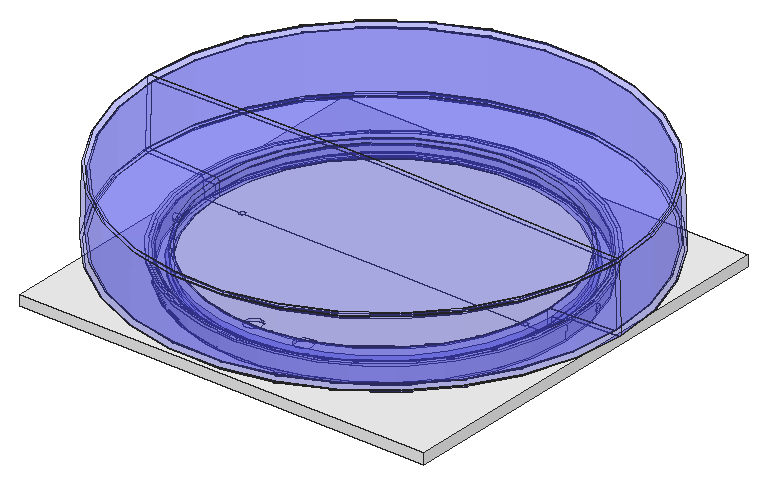
Revit family "BE_23297_de_DE", category Leuchten, Revit 2020
Family settings
  Basisbauteil = Fläche
  Bemaßung runder Anschluss = Durchmesser verwenden
  Teiletyp = Normal
  Beim Laden mit Abzugskörper schneiden = Ja
  Lichtquelle = Ja
  Gemeinsam genutzt = Nein
  Raumberechnungspunkt = Ja
Parameters (values of type "BEGA_23297_K3")
  built-in parameter 1150104 = 12.105 (stored number, unit not read)
  Wattage = 37.8 W
  Default Elevation = 0 mm
  built-in parameter 1150113 = 1 (stored number, unit not read)
  built-in parameter 1114218 = 1 (stored number, unit not read)
  Umgebungstemperatur = "25 °C"
  URL = "http://www.bega.de/de/produkt/23297"
  Typenkommentare = "© 2022 BEGA. Wir behalten uns das Recht vor, technische Änderungen ohne vorherige Ankündigung vorzunehmen."  # constant formula
  built-in parameter 1150134 = 12
  built-in parameter 1150109 = 1 (stored number, unit not read)
  Strom = ""
  built-in parameter 1150110 = 1 (stored number, unit not read)
  Spannung = 239.996 V
  Sonderanfertigung = no
  Seriennummer [instance] = "Hier können Sie die eindeutige Seriennummer für das Facility Management eintragen."
  Schutzklasse = "I"
  Schutzart = "IP 44"
  Scheinlast = 0 VA
  Produktdatenblatt = "http://www.bega.de/download/Xrfa/db/23297.db.de.pdf"
  Oberflächentemperatur = ""
  Neigungswinkel = 0.00°
  Model = "23297K4"
  Material_17 = BEGA_Reflektor
  Material_15 = BEGA_Leuchtmedium_matt
  Material_11 = BEGA_Glas_opal
  Material_09 = BEGA_Glas_klar
  Material_06 = BEGA_Oberfläche_Edelstahl_gebürstet
  Material_05 = BEGA_Oberfläche_Aluminium Guss
  Material_03 = BEGA_Oberfläche_Weiss_matt
  Material_02 = BEGA_Oberfläche_Silber_matt
  Material_01 [instance] = BEGA_Oberfläche_Grafit_matt
  M_W = no
  M_G = no
  M_A = no
  Logo = 0
  built-in parameter 1114217 = 1 (stored number, unit not read)
  built-in parameter 1150139 = (empty or 0)
  built-in parameter 1150105 = 1228.4 (stored number, unit not read)
  built-in parameter 1150114 = 1 (stored number, unit not read)
  Lumens = 4925.34 lm
  built-in parameter 1150115 = 1 (stored number, unit not read)
  Leuchtenlichtstrom = "3427 lm"
  Leuchtenanzahl = ""
  Lebensdauerkriterien = "L70B50 @ 25 °C = 192000 h"
  Lastklassifizierung = Beleuchtung
  built-in parameter 1150112 = 1 (stored number, unit not read)
  Lampenlichtstrom = "4925 lm"
  Lamp = "LED 37.8 W"
  LED_Modulbezeichnung = "LED-0531/940"
  Hersteller = "BEGA"  # constant formula
  Halbstreuwinkel = ""
  Gewicht = "5.2 kg"
  Gebrauchslageneinschränkung [instance] = ""
  Frequenz = "0/50-60 Hz"
  Farbwiedergabeindex = "CRI > 90"
  Farbtemperaturverschiebung bei Dämpfen der Lampe = <Keine Auswahl>
  Farbtemperatur = "4000 K"
  Color Filter = 16777215
  built-in parameter 1150133 = 10 (stored number, unit not read)
  Energieeffizienzklasse = "LED A++ - A"
  built-in parameter 1150137 = (empty or 0)
  built-in parameter 1150132 = (empty or 0)
  ENEC = ""
  Dimmbar [instance] = "DALI"
  Photometric Web File = "BE_23297K4.IES"
  CE_Konformität = "ja"
  Bestellnummer = "23297K4"
  Beschreibung_Sonderanfertigung = "Hier können Sie Informationen zur Sonderanfertigung eintragen."
  Beschreibung = "Decken- und Wandleuchte"
  built-in parameter 1150106 = 12.284 (stored number, unit not read)
  Befestigungsbohrung = "Ø 5,5 mm"
  Befestigungsabstand = "280 mm"
  Ballwurfsicher = ""
  BEGA_Intern_aus = yes
  BEGA_Intern_an = yes
  BEGA_Intern_Konstruktion = yes
  BEGA_Intern = yes
  BEGA_IES = yes
  BEGA_Dummy = no
  Anschlussleitung = ""
  Anschlussleistung [instance] = "43.5 W"
  Anschlusskasten = ""
  built-in parameter 1150107 = 4000 (stored number, unit not read)
  built-in parameter 1150102 = (empty or 0)
  built-in parameter 1150138 = (empty or 0)
  Aktualisierung = "2019-07-05T04:00:16"
  Abstand_zur_angestrahlten_Fläche [instance] = ""
  AC/DC = "AC/DC"
Reference planes
  plane 1 "Mitte (Vorne/Hinten)": y = 0
  plane 2: z = 0
  plane 3 "Mitte (Links/Rechts)": x = 0
  plane 4 "Links": x = -234.948
  plane 5 "Rechts": x = 234.948
  plane 6 "Unten": y = -234.9
  plane 7 "Oben": y = 234.9
  plane 8 "Vorne": z = 99.7
  plane 9 "Hinten": z = 0
Forms (mm)
  Extrusion 1, solid, material "BEGA_Platte_Weiss"
    sketch origin (0, -1119.2, 0) x (1, 0, 0) y (0, 1, 0)
      loop
        line (-200, 1319.2) -> (-200, 919.2) -> (200, 919.2) -> (200, 1319.2) -> (-200, 1319.2)
    from 0 to -10
  Extrusion 2, solid, material "BEGA_Dummy_matt", visible <- "BEGA_Dummy"
    sketch origin (77.149, -76.023, 0) x (1, 0, 0) y (0, 1, 0)
      loop
        circle (-77.149, 76.023) r 235
    from 0 to 99.7
Dimensions and locks
  plane 1 "Mitte (Vorne/Hinten)" to Extrusion 1 = 200 mm
  aligned and locked: plane 2 to Extrusion 1
  aligned and locked: level to Extrusion 1
Nested families
  nested 1: "BE_23297" at (0, 0, 0), type "BE_23297"
Connectors
  electrical at (0, 0, 0), driven by "Lastklassifizierung", driven by "Spannung", driven by "Scheinlast"
    settings: index 1, voltage 239.996 V, apparent load 0 VA, apparent load phase1 0 VA, apparent load phase2 0 VA, apparent load phase3 0 VA, power factor 1, load classification "Beleuchtung", number of poles 1, system type 31, power factor state 1, is connector primary yes, connector utility no, sub classification motor no, connector description ""
Definition of nested family "BE_23297"
  Parameters (values of type "BE_23297")
    Default Elevation = 1 mm
    URL = "http://www.bega.de/de/produkt"
    Type Comments = "© 2015 BEGA. Wir behalten uns das Recht vor, technische Änderungen ohne vorherige Ankündigung vorzunehmen. "  # constant formula
    Type Image = (empty or 0)
    Neigungswinkel_um_Z2 = 0.00°
    Neigungswinkel_um_Z1 = 0.00°
    Neigungswinkel_um_Y2 = 0.00°
    Neigungswinkel_um_Y1 = 0.00°
    Neigungswinkel_um_X2 = 0.00°
    Neigungswinkel_um_X1 = 0.00°
    Material_17 = none
    Material_15 = none
    Material_11 = none
    Material_09 = none
    Material_06 = none
    Material_05 = none
    Material_03 = none
    Material_02 = none
    Material_01 = none
    M_W = yes
    M_G = yes
    M_A = yes
    Länge_Platte = 600 mm  # constant formula
    Höhe_Platte = -10 mm  # constant formula
    Manufacturer = "BEGA"  # constant formula
    Drehwinkel_um_Z2 = 0.00°
    Drehwinkel_um_Z1 = 0.00°
    Breite_Platte = 600 mm  # constant formula
  Reference planes
    plane 1 "Mitte (Oben/Unten)": y = 0
    plane 2: z = 0
    plane 3 "Mitte (Links/Rechts)": x = 0
    plane 4: x = -234.948
    plane 5: z = 99.7
    plane 6: x = 234.948
    plane 7: y = -234.9
    plane 8: y = 234.9
  Forms (mm)
    Extrusion 1, solid, detail levels medium
      sketch origin (0, 0, 0) x (1, 0, 0) y (0, 1, 0)
        loop
          line (-300, 300) -> (-300, -300) -> (300, -300) -> (300, 300) -> (-300, 300)
      from 0 to -10 <- "Höhe_Platte"
    Revolve 2, solid, material <- "Material_03", detail levels medium+fine
      sketch origin (0, 0, 0) x (1, 0, 0) y (0, 0, 1)
        loop
          line (-185, 23.01) -> (-182.531, 23)
          arc (-182.531, 23) -> (-181.129, 22.426) -> (-180.531, 21.035) r 2
          line (-180.531, 21.035) -> (-180.268, 5.954)
          arc (-180.268, 5.954) -> (-179.372, 3.864) -> (-177.268, 3) r 3
          line (-177.268, 3) -> (0, 3) -> (0, 5.01) -> (-177.268, 5.01)
          arc (-177.268, 5.01) -> (-177.969, 5.297) -> (-178.268, 5.993) r 1
          line (-178.268, 5.993) -> (-178.531, 21.065)
          arc (-178.531, 21.065) -> (-179.726, 23.851) -> (-182.531, 25.01) r 4
          line (-182.531, 25.01) -> (-185, 25.01) -> (-185, 23.01)
        axis (0, 3) -> (0, 25.01)
      angle from 0 to 360
    Revolve 3, solid, material <- "Material_11", detail levels medium+fine
      sketch origin (0, 0, 0) x (1, 0, 0) y (0, 0, 1)
        loop
          line (0, 99.7) -> (-231.281, 95.733)
          arc (-231.281, 95.733) -> (-232.657, 95.151) -> (-233.246, 93.778) r 2
          line (-233.246, 93.778) -> (-234.948, 28.777)
          arc (-234.948, 28.777) -> (-234.406, 27.354) -> (-233.019, 26.726) r 2
          line (-233.019, 26.726) -> (-179.745, 24.866)
          arc (-179.745, 24.866) -> (-178.929, 22.638) -> (-176.75, 21.7) r 3
          line (-176.75, 21.7) -> (-166.5, 21.7) -> (-166.5, 15.467) -> (-169, 13.263) -> (-169, 9.7) -> (-165, 9.7) -> (-162.5, 11.7) -> (-162.5, 25.461)
          arc (-162.5, 25.461) -> (-163.315, 27.479) -> (-165.303, 28.364) r 2.905
          line (-165.303, 28.364) -> (-228.913, 30.585)
          arc (-228.913, 30.585) -> (-230.305, 31.216) -> (-230.845, 32.646) r 2
          line (-230.845, 32.646) -> (-229.347, 89.852)
          arc (-229.347, 89.852) -> (-228.757, 91.219) -> (-227.386, 91.799) r 2
          line (-227.386, 91.799) -> (0, 95.699) -> (0, 99.7)
        axis (0, 99.7) -> (0, 9.7)
      angle from 0 to 360
    Extrusion 4, void
      sketch origin (0, 0, 0) x (1, 0, 0) y (0, 1, 0)
        loop
          circle (-25, -130) r 8.5
        loop
          circle (-140, 0) r 2.75
        loop
          circle (25, -130) r 8.5
        loop
          circle (140, 0) r 2.75
      from 0 to 6
    Revolve 5, solid, material <- "Material_03", detail levels medium+fine
      sketch origin (20.712, -116.673, 0) x (1, 0, 0) y (0, 0, 1)
        loop
          line (-137.385, 3.824) -> (-146.241, 3.824)
          arc (-146.241, 3.824) -> (-142.208, 0.997) -> (-137.385, 0) r 12.167
          line (-137.385, 0) -> (-137.385, 3.824)
        axis (-137.385, 0) -> (-137.385, 3.824)
      angle from 0 to 360
    Revolve 6, solid, material <- "Material_06", detail levels fine
      sketch origin (0, 0, 11.5) x (0.087156, -0.996195, 0) y (0.996195, 0.087156, 0)
        loop
          line (28.144, -178.328) -> (31.345, -177.763) -> (29.972, -169.982) -> (26.772, -170.546) -> (28.144, -178.328)
        axis (29.972, -169.982) -> (31.345, -177.763)
      angle from 0 to 360
    Revolve 7, solid, material <- "Material_03", detail levels medium+fine
      sketch origin (-116.673, -20.712, 0) x (0, -1, 0) y (0, 0, 1)
        loop
          line (-137.385, 3.824) -> (-146.241, 3.824)
          arc (-146.241, 3.824) -> (-142.208, 0.997) -> (-137.385, 0) r 12.167
          line (-137.385, 0) -> (-137.385, 3.824)
        axis (-137.385, 0) -> (-137.385, 3.824)
      angle from 0 to 360
    Revolve 8, solid, material <- "Material_03", detail levels medium+fine
      sketch origin (116.673, 20.712, 0) x (0, 1, 0) y (0, 0, 1)
        loop
          line (-137.385, 3.824) -> (-146.241, 3.824)
          arc (-146.241, 3.824) -> (-142.208, 0.997) -> (-137.385, 0) r 12.167
          line (-137.385, 0) -> (-137.385, 3.824)
        axis (-137.385, 0) -> (-137.385, 3.824)
      angle from 0 to 360
    Revolve 9, solid, material <- "Material_03", detail levels medium+fine
      sketch origin (-20.712, 116.673, 0) x (-1, 0, 0) y (0, 0, 1)
        loop
          line (-137.385, 3.824) -> (-146.241, 3.824)
          arc (-146.241, 3.824) -> (-142.208, 0.997) -> (-137.385, 0) r 12.167
          line (-137.385, 0) -> (-137.385, 3.824)
        axis (-137.385, 0) -> (-137.385, 3.824)
      angle from 0 to 360
    Revolve 10, solid, material <- "Material_06", detail levels fine
      sketch origin (0, 0, 11.5) x (0.422618, -0.906308, 0) y (0.906308, 0.422618, 0)
        loop
          line (28.144, 178.328) -> (26.772, 170.546) -> (29.972, 169.982) -> (31.345, 177.763) -> (28.144, 178.328)
        axis (29.972, 169.982) -> (31.345, 177.763)
      angle from 0 to 360
  Cuts and joins
    Extrusion 4 cuts Revolve 2
    joined: Revolve 2, Revolve 5, Revolve 7, Revolve 8, Revolve 9
  Dimensions and locks
    equal spacing: Extrusion 1 sketch curve, plane 3 "Mitte (Links/Rechts)", Extrusion 1 sketch curve
    equal spacing: Extrusion 1 sketch curve, plane 1 "Mitte (Oben/Unten)", Extrusion 1 sketch curve
    "Länge_Platte": Extrusion 1 sketch curve to Extrusion 1 sketch curve
    "Breite_Platte": Extrusion 1 sketch curve to Extrusion 1 sketch curve
    aligned and locked: Extrusion 1 to plane 2
    aligned and locked: level to Extrusion 1
  Automatic sketch dimensions
    Revolve 2 sketch curve to Revolve 2 sketch curve = 0 mm  (x7)
    Revolve 2 sketch curve to plane 3 "Mitte (Links/Rechts)" = 0 mm  (x2)
    level to Revolve 2 sketch curve = 6.003 mm
    Revolve 2 sketch curve to plane 4 = 57.68 mm
    level to Revolve 2 sketch curve = 5.993 mm
    Revolve 2 sketch curve to Revolve 2 sketch curve = 1 mm
    level to Revolve 2 sketch curve = 21.065 mm
    Revolve 2 sketch curve to Revolve 2 sketch curve = 0.263 mm
    level to Revolve 2 sketch curve = 5.954 mm
    Revolve 2 sketch curve to Revolve 2 sketch curve = 2 mm  (x4)
    level to Revolve 2 sketch curve = 21.035 mm
    Revolve 2 sketch curve to Revolve 2 sketch curve = 2.469 mm
    level to Revolve 2 sketch curve = 3 mm
    Revolve 2 sketch curve to Revolve 2 sketch curve = 2.01 mm
    Revolve 2 sketch curve to Revolve 2 sketch curve = 0.035 mm
    Revolve 2 sketch curve to Revolve 2 sketch curve = 0.01 mm
    Revolve 2 sketch curve to Revolve 2 sketch curve = 0.569 mm
    plane 4 to Revolve 3 sketch curve = 0 mm  (x2)
    Revolve 3 sketch curve to plane 3 "Mitte (Links/Rechts)" = 0 mm  (x2)
    Revolve 3 sketch curve to plane 5 = 0 mm
    Revolve 3 sketch curve to plane 4 = 1.702 mm
    Revolve 3 sketch curve to plane 4 = 1.999 mm
    Revolve 3 sketch curve to Revolve 3 sketch curve = 2 mm  (x3)
    Revolve 3 sketch curve to plane 4 = 4.103 mm
    Revolve 3 sketch curve to Revolve 3 sketch curve = 1.933 mm
    Revolve 3 sketch curve to Revolve 3 sketch curve = 1.999 mm  (x4)
    Revolve 3 sketch curve to Revolve 3 sketch curve = 3.861 mm
    Revolve 3 sketch curve to Revolve 3 sketch curve = 0.038 mm
    level to Revolve 3 sketch curve = 24.866 mm
    Revolve 3 sketch curve to Revolve 3 sketch curve = 49.167 mm
    Revolve 3 sketch curve to Revolve 3 sketch curve = 2.995 mm
    level to Revolve 3 sketch curve = 13.263 mm
    Revolve 3 sketch curve to Revolve 3 sketch curve = 7.75 mm
    Revolve 3 sketch curve to Revolve 3 sketch curve = 2.5 mm
    Revolve 3 sketch curve to Revolve 3 sketch curve = 1.095 mm
    level to Revolve 3 sketch curve = 28.364 mm
    Revolve 3 sketch curve to Revolve 3 sketch curve = 0.101 mm
    level to Revolve 3 sketch curve = 9.7 mm
    Revolve 3 sketch curve to Revolve 3 sketch curve = 4 mm
    Revolve 3 sketch curve to Revolve 3 sketch curve = 2.905 mm
    Revolve 3 sketch curve to Revolve 3 sketch curve = 2.204 mm
    Revolve 3 sketch curve to Revolve 3 sketch curve = 3.761 mm
    Revolve 3 sketch curve to Revolve 3 sketch curve = 0.166 mm
    level to Revolve 3 sketch curve = 28.725 mm
    Revolve 3 sketch curve to Revolve 3 sketch curve = 1.86 mm
    plane 5 to Revolve 3 sketch curve = 9.901 mm
    Revolve 3 sketch curve to Revolve 3 sketch curve = 1.934 mm
    Revolve 3 sketch curve to Revolve 3 sketch curve = 0.044 mm
    Revolve 3 sketch curve to Revolve 3 sketch curve = 4.001 mm
    Revolve 3 sketch curve to plane 4 = 1.93 mm
    Revolve 3 sketch curve to Revolve 3 sketch curve = 0 mm  (x9)
    Revolve 3 sketch curve to Revolve 3 sketch curve = 0.034 mm
    Revolve 3 sketch curve to Revolve 3 sketch curve = 30.444 mm
    Revolve 3 sketch curve to Revolve 3 sketch curve = 13.579 mm
    plane 1 "Mitte (Oben/Unten)" to Extrusion 4 sketch curve = 0 mm  (x2)
    Extrusion 4 sketch curve to plane 4 = 94.948 mm
    Extrusion 4 sketch curve to plane 3 "Mitte (Links/Rechts)" = 25 mm
    plane 3 "Mitte (Links/Rechts)" to Extrusion 4 sketch curve = 25 mm
    Extrusion 4 sketch curve to plane 6 = 94.948 mm
    plane 7 to Extrusion 4 sketch curve = 104.9 mm
    Extrusion 4 sketch curve to Extrusion 4 sketch curve = 0 mm
    Revolve 5 sketch curve to level = 0 mm  (x2)
    level to Revolve 5 sketch curve = 3.824 mm
    Revolve 5 sketch curve to plane 4 = 109.42 mm
    level to Revolve 5 sketch curve = 12.167 mm
    Revolve 5 sketch curve to Revolve 5 sketch curve = 8.856 mm
    Revolve 5 sketch curve to Revolve 5 sketch curve = 0 mm
    Revolve 5 sketch curve to Revolve 5 sketch curve = 0.51 mm
    plane 1 "Mitte (Oben/Unten)" to Revolve 6 sketch curve = 41.534 mm
    Revolve 6 sketch curve to plane 4 = 67.384 mm
    Revolve 6 sketch curve to Revolve 6 sketch curve = 1.372 mm
    Revolve 6 sketch curve to Revolve 6 sketch curve = 3.201 mm  (x2)
    Revolve 6 sketch curve to Revolve 6 sketch curve = 7.217 mm
    Revolve 6 sketch curve to Revolve 6 sketch curve = 0.564 mm  (x2)
    Revolve 6 sketch curve to Revolve 6 sketch curve = 3.726 mm
    Revolve 6 sketch curve to Revolve 6 sketch curve = 1.44 mm
    Revolve 6 sketch curve to Revolve 6 sketch curve = 21.133 mm
    Revolve 6 sketch curve to Revolve 6 sketch curve = 8.164 mm
    Revolve 7 sketch curve to level = 0 mm  (x2)
    level to Revolve 7 sketch curve = 3.824 mm
    plane 8 to Revolve 7 sketch curve = 109.371 mm
    level to Revolve 7 sketch curve = 12.167 mm
    Revolve 7 sketch curve to Revolve 7 sketch curve = 8.856 mm
    Revolve 7 sketch curve to Revolve 7 sketch curve = 0 mm
    Revolve 7 sketch curve to Revolve 7 sketch curve = 0.51 mm
    Revolve 8 sketch curve to level = 0 mm  (x2)
    level to Revolve 8 sketch curve = 3.824 mm
    plane 7 to Revolve 8 sketch curve = 109.371 mm
    level to Revolve 8 sketch curve = 12.167 mm
    Revolve 8 sketch curve to Revolve 8 sketch curve = 8.856 mm
    Revolve 8 sketch curve to Revolve 8 sketch curve = 0 mm
    Revolve 8 sketch curve to Revolve 8 sketch curve = 0.51 mm
    Revolve 9 sketch curve to level = 0 mm  (x2)
    level to Revolve 9 sketch curve = 3.824 mm
    Revolve 9 sketch curve to plane 6 = 109.42 mm
    level to Revolve 9 sketch curve = 12.167 mm
    Revolve 9 sketch curve to Revolve 9 sketch curve = 8.856 mm
    Revolve 9 sketch curve to Revolve 9 sketch curve = 0 mm
    Revolve 9 sketch curve to Revolve 9 sketch curve = 0.51 mm
    Revolve 10 sketch curve to plane 1 "Mitte (Oben/Unten)" = 47.813 mm
    Revolve 10 sketch curve to plane 6 = 69.066 mm
    Revolve 10 sketch curve to Revolve 10 sketch curve = 1.372 mm
    Revolve 10 sketch curve to Revolve 10 sketch curve = 3.201 mm  (x2)
    Revolve 10 sketch curve to Revolve 10 sketch curve = 0.564 mm  (x2)
    Revolve 10 sketch curve to Revolve 10 sketch curve = 7.781 mm
    Revolve 10 sketch curve to Revolve 10 sketch curve = 3.726 mm
    Revolve 10 sketch curve to Revolve 10 sketch curve = 1.44 mm
    Revolve 10 sketch curve to Revolve 10 sketch curve = 21.133 mm
    Revolve 10 sketch curve to Revolve 10 sketch curve = 8.164 mm
    radius of Extrusion 4 sketch curve = 8.5 mm  (x2)
    radius of Extrusion 4 sketch curve = 2.75 mm  (x2)
